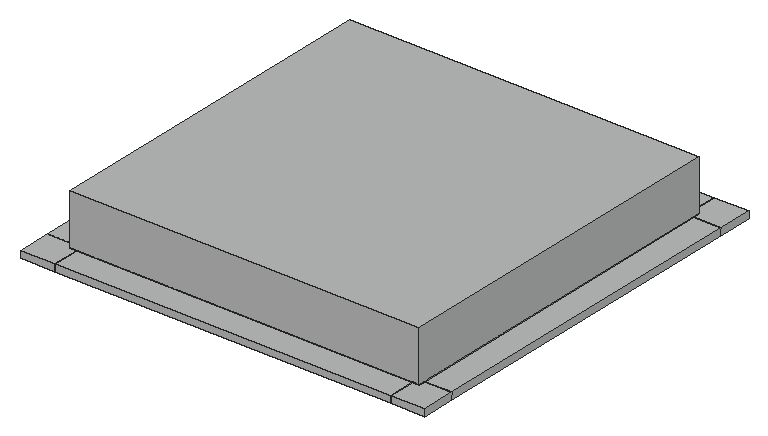
Revit family "ALUMOGIPS", category Осветительные приборы, Revit 2019 (continued)
Types (72, lengths in mm): name | Файл фотометрической сетки | built-in parameter 1150105 | Lumens | built-in parameter 1150106 | built-in parameter 1150142 | Wattage | Emit from Rectangle Width | Emit from Rectangle Length | Длина | Материал светильника | Ширина | ADSK_Ток | ADSK_Полная мощность | ADSK_Обозначение | ADSK_Номинальная мощность | ADSK_Наименование | ADSK_Масса | ADSK_Код изделия
  Alumogips-38/opal-sand 595х595 (IP40, 4000К, серый) c БАП на 3 часа | "Светильник ALUMOGIPS-38 OPAL-SAND-(595x595).IES" | 302.39 (stored number, unit not read) | 3800 lm | 3.0239 (stored number, unit not read) | "IESNA:LM-63-95\r\n[TEST] Протокол № 50-12 \r\n[DATA] 20.06.2016\r\n[MORE] \r\n[MANUFAC] ЗАО \"Центрстройсвет\"\r\n[LUMCAT]  Светильник ALUMOGIPS-38/OPAL-SAND-(595x595)\r\n[LUMINAIRE]\r\n[LAMPCAT] Светодиоды\r\n[LAMP] Поток источника света (светодиодов) не известен\r\n[MORE] КСС приведена в абсолютных величинах кд\r\n[MORE] Вместо потока лампы, указан поток светильника.\r\nTILT=NONE\r\n1    3750 1.0 37 73 1 2 0.595 0.595 0.04\r\n1.0 1.0 38.7\r\n0.0 5.0 10.0 15.0 20.0 25.0 30.0 35.0 40.0 45.0 50.0 55.0 60.0 65.0 70.0 75.0 80.0 85.0 90.0 95.0 100.0 105.0 110.0 115.0 120.0 125.0 130.0 135.0 140.0 145.0 150.0 155.0 160.0 165.0 170.0 175.0 180.0\r\n0.0 5.0 10.0 15.0 20.0 25.0 30.0 35.0 40.0 45.0 50.0 55.0 60.0 65.0 70.0 75.0 80.0 85.0 90.0 95.0 100.0 105.0 110.0 115.0 120.0 125.0 130.0 135.0 140.0 145.0 150.0 155.0 160.0 165.0 170.0 175.0 180.0 185.0 190.0 195.0 200.0 205.0 210.0 215.0 220.0 225.0 230.0 235.0 240.0 245.0 250.0 255.0 260.0 265.0 270.0 275.0 280.0 285.0 290.0 295.0 300.0 305.0 310.0 315.0 320.0 325.0 330.0 335.0 340.0 345.0 350.0 355.0 360.0\r\n1391.4 1390.6 1365.7 1330.6 1277.5 1214.9 1147.5 1059.6 967.6 873.2 772.4 664.9 556.3 449.1 342.7 240.6 147.1 64.2 4.7 0.0 0.0 0.0 0.0 0.0 0.0 0.0 0.0 0.0 0.0 0.0 0.0 0.0 0.0 0.0 0.0 0.0 0.0\r\n1391.4 1390.5 1367.8 1332.7 1284.3 1221.3 1147.0 1062.1 969.2 872.4 773.2 666.3 557.1 450.1 343.8 241.9 146.9 64.7 5.2 0.0 0.0 0.0 0.0 0.0 0.0 0.0 0.0 0.0 0.0 0.0 0.0 0.0 0.0 0.0 0.0 0.0 0.0\r\n1391.4 1390.2 1372.0 1333.3 1277.3 1216.8 1144.5 1057.4 969.6 875.1 773.8 669.5 560.0 454.6 345.8 242.4 148.5 65.8 5.4 0.0 0.0 0.0 0.0 0.0 0.0 0.0 0.0 0.0 0.0 0.0 0.0 0.0 0.0 0.0 0.0 0.0 0.0\r\n1391.4 1389.8 1371.2 1330.7 1279.5 1220.5 1148.3 1059.9 967.7 873.2 767.5 666.8 561.4 453.0 347.1 243.7 149.9 65.6 5.8 0.0 0.0 0.0 0.0 0.0 0.0 0.0 0.0 0.0 0.0 0.0 0.0 0.0 0.0 0.0 0.0 0.0 0.0\r\n1391.4 1389.8 1368.3 1329.3 1285.0 1214.6 1141.1 1058.7 971.8 871.3 775.2 666.9 559.4 452.6 345.8 242.5 150.0 65.8 6.1 0.0 0.0 0.0 0.0 0.0 0.0 0.0 0.0 0.0 0.0 0.0 0.0 0.0 0.0 0.0 0.0 0.0 0.0\r\n1391.4 1390.5 1367.3 1332.3 1281.7 1219.0 1142.8 1064.6 970.5 874.4 772.1 667.5 560.2 453.0 346.2 241.8 149.4 65.7 5.6 0.0 0.0 0.0 0.0 0.0 0.0 0.0 0.0 0.0 0.0 0.0 0.0 0.0 0.0 0.0 0.0 0.0 0.0\r\n1391.4 1391.4 1368.1 1333.5 1277.3 1215.7 1139.0 1059.6 968.1 872.4 771.6 667.4 558.8 453.3 344.3 243.9 148.4 65.7 5.4 0.0 0.0 0.0 0.0 0.0 0.0 0.0 0.0 0.0 0.0 0.0 0.0 0.0 0.0 0.0 0.0 0.0 0.0\r\n1391.4 1391.7 1368.1 1330.4 1278.2 1213.9 1142.4 1061.6 967.4 875.1 772.0 669.3 561.1 452.5 345.2 242.1 148.3 65.4 5.5 0.0 0.0 0.0 0.0 0.0 0.0 0.0 0.0 0.0 0.0 0.0 0.0 0.0 0.0 0.0 0.0 0.0 0.0\r\n1391.4 1391.5 1371.0 1328.4 1278.5 1216.7 1142.1 1061.2 971.8 874.7 772.1 668.9 560.8 452.9 345.4 243.3 147.7 66.0 5.4 0.0 0.0 0.0 0.0 0.0 0.0 0.0 0.0 0.0 0.0 0.0 0.0 0.0 0.0 0.0 0.0 0.0 0.0\r\n1391.4 1391.5 1373.2 1330.5 1277.3 1215.5 1143.2 1063.6 967.0 872.7 772.2 669.4 558.9 453.2 346.6 241.9 148.1 65.2 5.5 0.0 0.0 0.0 0.0 0.0 0.0 0.0 0.0 0.0 0.0 0.0 0.0 0.0 0.0 0.0 0.0 0.0 0.0\r\n1391.4 1391.4 1369.7 1328.3 1281.3 1216.0 1139.8 1057.9 968.7 875.3 773.9 667.6 561.8 454.0 344.0 243.1 147.2 65.6 5.5 0.0 0.0 0.0 0.0 0.0 0.0 0.0 0.0 0.0 0.0 0.0 0.0 0.0 0.0 0.0 0.0 0.0 0.0\r\n1391.4 1390.5 1367.9 1330.1 1278.1 1218.1 1138.9 1061.0 970.0 871.8 770.4 669.3 560.2 453.4 346.9 242.1 148.3 65.2 5.2 0.0 0.0 0.0 0.0 0.0 0.0 0.0 0.0 0.0 0.0 0.0 0.0 0.0 0.0 0.0 0.0 0.0 0.0\r\n1391.4 1389.3 1368.2 1329.1 1280.8 1214.4 1142.5 1059.2 967.2 874.3 772.4 668.0 563.1 452.3 345.7 242.8 146.8 64.9 5.1 0.0 0.0 0.0 0.0 0.0 0.0 0.0 0.0 0.0 0.0 0.0 0.0 0.0 0.0 0.0 0.0 0.0 0.0\r\n1391.4 1388.6 1367.4 1327.8 1278.0 1215.7 1141.0 1061.0 971.5 877.3 771.2 667.3 561.5 453.0 346.4 242.4 146.3 64.8 5.2 0.0 0.0 0.0 0.0 0.0 0.0 0.0 0.0 0.0 0.0 0.0 0.0 0.0 0.0 0.0 0.0 0.0 0.0\r\n1391.4 1388.0 1367.6 1326.7 1278.3 1218.0 1140.9 1061.5 968.4 873.4 770.1 666.6 562.1 454.6 344.8 241.8 146.4 64.0 5.5 0.0 0.0 0.0 0.0 0.0 0.0 0.0 0.0 0.0 0.0 0.0 0.0 0.0 0.0 0.0 0.0 0.0 0.0\r\n1391.4 1387.2 1366.1 1331.0 1281.4 1216.3 1142.7 1059.1 969.4 871.5 772.2 667.3 560.5 453.0 344.4 242.2 146.4 63.8 5.6 0.0 0.0 0.0 0.0 0.0 0.0 0.0 0.0 0.0 0.0 0.0 0.0 0.0 0.0 0.0 0.0 0.0 0.0\r\n1391.4 1387.1 1366.3 1328.7 1276.9 1214.5 1141.2 1059.3 968.4 874.3 775.5 668.3 562.5 454.9 346.4 241.3 146.2 63.5 5.7 0.0 0.0 0.0 0.0 0.0 0.0 0.0 0.0 0.0 0.0 0.0 0.0 0.0 0.0 0.0 0.0 0.0 0.0\r\n1391.4 1388.4 1366.0 1329.7 1279.2 1217.9 1140.0 1060.5 969.0 873.9 772.0 671.3 560.4 453.2 343.7 241.7 145.8 63.7 5.4 0.0 0.0 0.0 0.0 0.0 0.0 0.0 0.0 0.0 0.0 0.0 0.0 0.0 0.0 0.0 0.0 0.0 0.0\r\n1391.4 1389.6 1367.7 1329.3 1277.2 1211.1 1140.1 1061.0 971.0 871.2 769.2 669.1 561.5 453.1 343.3 241.9 145.8 63.4 5.2 0.0 0.0 0.0 0.0 0.0 0.0 0.0 0.0 0.0 0.0 0.0 0.0 0.0 0.0 0.0 0.0 0.0 0.0\r\n1391.4 1388.8 1366.9 1327.1 1279.4 1214.2 1142.5 1056.4 970.7 870.3 771.0 665.1 560.4 453.3 343.8 241.1 145.7 63.4 5.2 0.0 0.0 0.0 0.0 0.0 0.0 0.0 0.0 0.0 0.0 0.0 0.0 0.0 0.0 0.0 0.0 0.0 0.0\r\n1391.4 1387.2 1365.8 1328.9 1276.6 1210.2 1141.4 1059.3 966.6 871.4 770.5 667.4 559.2 451.4 344.2 241.0 145.6 63.2 5.1 0.0 0.0 0.0 0.0 0.0 0.0 0.0 0.0 0.0 0.0 0.0 0.0 0.0 0.0 0.0 0.0 0.0 0.0\r\n1391.4 1386.8 1364.4 1329.8 1279.4 1213.7 1144.0 1059.0 965.3 873.7 768.8 668.9 559.4 449.5 342.6 241.5 144.6 63.4 5.0 0.0 0.0 0.0 0.0 0.0 0.0 0.0 0.0 0.0 0.0 0.0 0.0 0.0 0.0 0.0 0.0 0.0 0.0\r\n1391.4 1388.1 1365.8 1328.1 1273.8 1213.4 1137.9 1059.2 967.3 869.2 769.3 667.7 558.4 451.4 344.0 240.6 145.7 63.4 4.9 0.0 0.0 0.0 0.0 0.0 0.0 0.0 0.0 0.0 0.0 0.0 0.0 0.0 0.0 0.0 0.0 0.0 0.0\r\n1391.4 1389.2 1364.4 1323.2 1276.3 1213.8 1137.6 1055.3 963.1 871.0 767.7 664.1 559.7 447.1 342.4 240.1 145.2 63.9 5.1 0.0 0.0 0.0 0.0 0.0 0.0 0.0 0.0 0.0 0.0 0.0 0.0 0.0 0.0 0.0 0.0 0.0 0.0\r\n1391.4 1388.4 1362.3 1326.8 1274.4 1212.2 1137.9 1054.7 966.7 867.9 768.7 663.4 557.3 449.2 343.3 240.0 145.7 63.6 5.0 0.0 0.0 0.0 0.0 0.0 0.0 0.0 0.0 0.0 0.0 0.0 0.0 0.0 0.0 0.0 0.0 0.0 0.0\r\n1391.4 1386.2 1361.8 1326.5 1273.3 1211.2 1134.5 1048.6 964.3 866.3 767.8 662.9 556.7 449.5 341.9 239.8 145.7 63.7 5.0 0.0 0.0 0.0 0.0 0.0 0.0 0.0 0.0 0.0 0.0 0.0 0.0 0.0 0.0 0.0 0.0 0.0 0.0\r\n1391.4 1384.4 1363.5 1324.4 1272.0 1209.5 1137.2 1053.0 960.2 867.5 767.9 662.7 556.7 449.2 342.5 239.1 146.2 63.8 4.8 0.0 0.0 0.0 0.0 0.0 0.0 0.0 0.0 0.0 0.0 0.0 0.0 0.0 0.0 0.0 0.0 0.0 0.0\r\n1391.4 1383.7 1362.4 1324.4 1274.0 1209.5 1134.4 1050.1 965.4 864.9 764.6 662.3 556.6 447.9 340.5 240.3 145.5 64.6 4.6 0.0 0.0 0.0 0.0 0.0 0.0 0.0 0.0 0.0 0.0 0.0 0.0 0.0 0.0 0.0 0.0 0.0 0.0\r\n1391.4 1384.4 1361.9 1326.9 1270.2 1207.3 1132.7 1050.1 959.7 867.7 763.1 662.2 555.0 447.3 343.0 238.3 145.8 63.9 4.7 0.0 0.0 0.0 0.0 0.0 0.0 0.0 0.0 0.0 0.0 0.0 0.0 0.0 0.0 0.0 0.0 0.0 0.0\r\n1391.4 1385.1 1363.0 1320.0 1270.4 1207.9 1134.4 1055.0 963.5 867.3 766.7 660.7 555.9 450.1 342.6 240.2 145.9 64.3 4.9 0.0 0.0 0.0 0.0 0.0 0.0 0.0 0.0 0.0 0.0 0.0 0.0 0.0 0.0 0.0 0.0 0.0 0.0\r\n1391.4 1384.9 1362.3 1321.4 1273.1 1208.0 1135.4 1052.3 961.9 865.0 764.0 660.8 553.5 447.6 341.2 240.3 146.1 63.8 4.8 0.0 0.0 0.0 0.0 0.0 0.0 0.0 0.0 0.0 0.0 0.0 0.0 0.0 0.0 0.0 0.0 0.0 0.0\r\n1391.4 1383.8 1361.2 1322.1 1265.1 1211.5 1132.8 1049.3 961.3 863.4 764.0 661.0 550.7 447.9 341.0 240.1 146.2 63.8 4.6 0.0 0.0 0.0 0.0 0.0 0.0 0.0 0.0 0.0 0.0 0.0 0.0 0.0 0.0 0.0 0.0 0.0 0.0\r\n1391.4 1382.8 1359.3 1321.5 1269.3 1206.8 1132.8 1051.1 958.3 863.2 763.1 662.7 553.4 448.0 340.4 240.0 145.8 63.8 4.0 0.0 0.0 0.0 0.0 0.0 0.0 0.0 0.0 0.0 0.0 0.0 0.0 0.0 0.0 0.0 0.0 0.0 0.0\r\n1391.4 1382.6 1359.0 1319.6 1268.1 1204.3 1129.8 1049.0 957.7 861.8 761.7 658.4 554.2 446.1 340.4 239.0 145.6 63.8 3.8 0.0 0.0 0.0 0.0 0.0 0.0 0.0 0.0 0.0 0.0 0.0 0.0 0.0 0.0 0.0 0.0 0.0 0.0\r\n1391.4 1382.8 1358.5 1315.8 1266.5 1202.1 1128.5 1049.2 957.6 860.0 762.1 658.2 549.9 443.8 339.6 238.4 145.7 63.6 3.7 0.0 0.0 0.0 0.0 0.0 0.0 0.0 0.0 0.0 0.0 0.0 0.0 0.0 0.0 0.0 0.0 0.0 0.0\r\n1391.4 1382.2 1360.5 1319.2 1265.9 1204.5 1129.9 1046.9 955.0 862.9 758.9 657.9 552.5 444.9 338.9 238.8 145.3 63.6 3.3 0.0 0.0 0.0 0.0 0.0 0.0 0.0 0.0 0.0 0.0 0.0 0.0 0.0 0.0 0.0 0.0 0.0 0.0\r\n1391.4 1381.1 1361.2 1321.0 1268.1 1203.8 1128.8 1047.4 955.6 863.7 761.1 656.4 551.5 445.2 339.2 238.5 144.7 62.5 3.5 0.0 0.0 0.0 0.0 0.0 0.0 0.0 0.0 0.0 0.0 0.0 0.0 0.0 0.0 0.0 0.0 0.0 0.0\r\n1391.4 1380.6 1359.0 1316.4 1268.5 1204.0 1126.1 1049.5 956.2 859.6 759.7 656.5 549.2 444.3 338.4 236.1 143.8 61.6 3.2 0.0 0.0 0.0 0.0 0.0 0.0 0.0 0.0 0.0 0.0 0.0 0.0 0.0 0.0 0.0 0.0 0.0 0.0\r\n1391.4 1380.7 1356.6 1316.0 1267.0 1205.6 1130.3 1044.8 956.9 856.7 759.3 653.5 548.1 441.9 335.3 235.4 141.4 60.3 2.9 0.0 0.0 0.0 0.0 0.0 0.0 0.0 0.0 0.0 0.0 0.0 0.0 0.0 0.0 0.0 0.0 0.0 0.0\r\n1391.4 1380.4 1354.4 1317.9 1268.8 1199.0 1129.0 1044.0 956.9 860.6 758.3 656.9 549.1 442.0 334.4 236.1 141.7 60.5 2.6 0.0 0.0 0.0 0.0 0.0 0.0 0.0 0.0 0.0 0.0 0.0 0.0 0.0 0.0 0.0 0.0 0.0 0.0\r\n1391.4 1380.1 1356.7 1322.1 1264.6 1201.7 1129.9 1047.4 957.2 859.7 758.2 656.1 549.4 442.8 335.3 235.8 141.3 60.6 2.3 0.0 0.0 0.0 0.0 0.0 0.0 0.0 0.0 0.0 0.0 0.0 0.0 0.0 0.0 0.0 0.0 0.0 0.0\r\n1391.4 1379.9 1357.3 1317.5 1265.9 1207.8 1129.2 1046.5 955.7 860.2 758.6 656.9 550.7 441.9 335.4 233.9 140.6 60.2 2.4 0.0 0.0 0.0 0.0 0.0 0.0 0.0 0.0 0.0 0.0 0.0 0.0 0.0 0.0 0.0 0.0 0.0 0.0\r\n1391.4 1379.2 1355.5 1314.6 1269.3 1203.7 1133.5 1044.8 957.2 857.9 762.0 656.6 548.7 440.4 335.9 234.5 140.4 59.8 2.8 0.0 0.0 0.0 0.0 0.0 0.0 0.0 0.0 0.0 0.0 0.0 0.0 0.0 0.0 0.0 0.0 0.0 0.0\r\n1391.4 1377.9 1357.1 1319.2 1271.9 1204.4 1128.6 1050.2 953.1 856.9 757.6 653.7 548.9 439.9 335.4 232.4 140.5 59.2 3.0 0.0 0.0 0.0 0.0 0.0 0.0 0.0 0.0 0.0 0.0 0.0 0.0 0.0 0.0 0.0 0.0 0.0 0.0\r\n1391.4 1377.2 1356.3 1322.9 1266.0 1204.8 1132.2 1049.0 958.1 859.3 759.0 654.6 547.0 441.6 334.9 232.1 139.3 58.8 2.9 0.0 0.0 0.0 0.0 0.0 0.0 0.0 0.0 0.0 0.0 0.0 0.0 0.0 0.0 0.0 0.0 0.0 0.0\r\n1391.4 1377.8 1353.8 1319.7 1269.6 1207.9 1135.8 1049.5 955.8 858.0 762.4 655.9 548.2 441.6 335.6 231.7 139.4 58.8 2.8 0.0 0.0 0.0 0.0 0.0 0.0 0.0 0.0 0.0 0.0 0.0 0.0 0.0 0.0 0.0 0.0 0.0 0.0\r\n1391.4 1378.5 1355.2 1319.8 1267.3 1206.5 1131.2 1046.1 954.6 861.2 756.6 653.8 548.1 440.3 335.0 232.6 138.6 59.0 2.9 0.0 0.0 0.0 0.0 0.0 0.0 0.0 0.0 0.0 0.0 0.0 0.0 0.0 0.0 0.0 0.0 0.0 0.0\r\n1391.4 1378.6 1355.1 1318.3 1269.7 1200.8 1133.1 1049.0 957.6 862.5 762.4 656.9 549.3 443.5 334.7 231.2 138.8 58.1 3.0 0.0 0.0 0.0 0.0 0.0 0.0 0.0 0.0 0.0 0.0 0.0 0.0 0.0 0.0 0.0 0.0 0.0 0.0\r\n1391.4 1378.8 1355.8 1321.7 1268.8 1210.0 1129.0 1048.5 958.8 862.4 762.2 656.4 549.0 441.1 335.4 231.5 138.5 58.1 3.0 0.0 0.0 0.0 0.0 0.0 0.0 0.0 0.0 0.0 0.0 0.0 0.0 0.0 0.0 0.0 0.0 0.0 0.0\r\n1391.4 1379.6 1357.6 1321.7 1269.0 1207.1 1133.9 1047.0 964.1 863.3 761.9 656.4 551.5 440.7 334.9 232.2 137.6 58.1 2.8 0.0 0.0 0.0 0.0 0.0 0.0 0.0 0.0 0.0 0.0 0.0 0.0 0.0 0.0 0.0 0.0 0.0 0.0\r\n1391.4 1380.6 1357.7 1319.2 1272.0 1207.5 1131.3 1054.6 959.0 863.3 764.8 655.9 549.1 443.0 335.1 231.3 138.0 58.1 2.7 0.0 0.0 0.0 0.0 0.0 0.0 0.0 0.0 0.0 0.0 0.0 0.0 0.0 0.0 0.0 0.0 0.0 0.0\r\n1391.4 1381.5 1358.5 1321.9 1271.0 1204.1 1135.9 1055.8 962.5 865.5 761.1 656.9 550.6 442.0 335.3 231.9 137.4 57.9 2.6 0.0 0.0 0.0 0.0 0.0 0.0 0.0 0.0 0.0 0.0 0.0 0.0 0.0 0.0 0.0 0.0 0.0 0.0\r\n1391.4 1381.3 1358.5 1322.3 1270.8 1207.2 1133.7 1051.9 958.0 867.3 767.5 657.0 552.1 442.3 333.6 231.2 137.9 57.8 2.6 0.0 0.0 0.0 0.0 0.0 0.0 0.0 0.0 0.0 0.0 0.0 0.0 0.0 0.0 0.0 0.0 0.0 0.0\r\n1391.4 1380.6 1359.4 1319.7 1270.6 1209.0 1133.0 1052.1 963.9 867.5 764.1 660.0 554.0 443.3 334.8 231.7 137.6 57.8 2.7 0.0 0.0 0.0 0.0 0.0 0.0 0.0 0.0 0.0 0.0 0.0 0.0 0.0 0.0 0.0 0.0 0.0 0.0\r\n1391.4 1381.3 1359.9 1321.3 1270.6 1204.8 1135.0 1051.3 962.1 865.5 761.7 660.3 553.1 443.5 334.1 231.9 137.9 57.8 2.8 0.0 0.0 0.0 0.0 0.0 0.0 0.0 0.0 0.0 0.0 0.0 0.0 0.0 0.0 0.0 0.0 0.0 0.0\r\n1391.4 1383.1 1362.1 1324.8 1273.8 1208.7 1134.8 1055.9 961.8 866.4 762.3 659.7 552.4 443.7 334.4 232.8 138.0 58.0 2.8 0.0 0.0 0.0 0.0 0.0 0.0 0.0 0.0 0.0 0.0 0.0 0.0 0.0 0.0 0.0 0.0 0.0 0.0\r\n1391.4 1384.6 1360.4 1321.7 1272.0 1210.6 1130.9 1052.5 963.1 866.7 767.4 659.3 553.7 444.6 335.4 233.1 138.3 58.0 2.8 0.0 0.0 0.0 0.0 0.0 0.0 0.0 0.0 0.0 0.0 0.0 0.0 0.0 0.0 0.0 0.0 0.0 0.0\r\n1391.4 1385.6 1357.5 1324.7 1273.9 1211.6 1134.3 1052.7 963.6 865.4 763.1 658.7 552.2 444.9 336.9 232.8 138.8 58.6 2.9 0.0 0.0 0.0 0.0 0.0 0.0 0.0 0.0 0.0 0.0 0.0 0.0 0.0 0.0 0.0 0.0 0.0 0.0\r\n1391.4 1386.4 1357.8 1323.4 1273.2 1212.2 1136.3 1054.7 967.5 867.5 764.0 659.4 553.3 443.7 336.8 233.2 138.9 58.5 3.1 0.0 0.0 0.0 0.0 0.0 0.0 0.0 0.0 0.0 0.0 0.0 0.0 0.0 0.0 0.0 0.0 0.0 0.0\r\n1391.4 1386.6 1362.0 1324.9 1273.2 1211.3 1139.0 1049.9 960.3 866.4 768.0 661.3 552.2 443.4 336.3 233.4 139.8 58.9 3.1 0.0 0.0 0.0 0.0 0.0 0.0 0.0 0.0 0.0 0.0 0.0 0.0 0.0 0.0 0.0 0.0 0.0 0.0\r\n1391.4 1386.0 1360.5 1326.0 1271.8 1212.0 1137.2 1059.3 963.5 867.6 766.9 661.2 552.3 445.8 337.8 233.6 141.0 59.2 3.3 0.0 0.0 0.0 0.0 0.0 0.0 0.0 0.0 0.0 0.0 0.0 0.0 0.0 0.0 0.0 0.0 0.0 0.0\r\n1391.4 1385.0 1362.3 1325.1 1272.0 1207.1 1138.5 1053.6 964.5 865.8 766.5 661.6 554.3 445.9 337.0 234.5 140.4 60.2 3.5 0.0 0.0 0.0 0.0 0.0 0.0 0.0 0.0 0.0 0.0 0.0 0.0 0.0 0.0 0.0 0.0 0.0 0.0\r\n1391.4 1384.4 1361.8 1323.6 1274.0 1214.8 1138.9 1053.9 968.0 867.9 769.0 663.8 555.6 446.7 339.6 235.0 141.3 60.4 3.4 0.0 0.0 0.0 0.0 0.0 0.0 0.0 0.0 0.0 0.0 0.0 0.0 0.0 0.0 0.0 0.0 0.0 0.0\r\n1391.4 1385.0 1360.9 1322.2 1272.4 1209.8 1137.2 1055.7 962.7 869.7 769.6 658.2 556.6 447.4 338.5 236.2 142.5 60.7 3.4 0.0 0.0 0.0 0.0 0.0 0.0 0.0 0.0 0.0 0.0 0.0 0.0 0.0 0.0 0.0 0.0 0.0 0.0\r\n1391.4 1386.6 1363.1 1323.6 1272.5 1211.5 1139.2 1058.4 969.9 868.0 768.8 664.6 556.3 445.8 342.1 236.1 142.3 61.2 3.5 0.0 0.0 0.0 0.0 0.0 0.0 0.0 0.0 0.0 0.0 0.0 0.0 0.0 0.0 0.0 0.0 0.0 0.0\r\n1391.4 1388.6 1360.9 1330.2 1273.7 1213.2 1138.7 1058.3 966.2 867.0 766.8 663.4 553.3 447.1 339.2 238.7 143.0 61.4 3.8 0.0 0.0 0.0 0.0 0.0 0.0 0.0 0.0 0.0 0.0 0.0 0.0 0.0 0.0 0.0 0.0 0.0 0.0\r\n1391.4 1389.8 1360.8 1328.4 1276.8 1216.0 1140.1 1055.8 963.1 870.3 768.4 663.1 554.0 449.1 340.1 237.3 144.8 61.7 3.8 0.0 0.0 0.0 0.0 0.0 0.0 0.0 0.0 0.0 0.0 0.0 0.0 0.0 0.0 0.0 0.0 0.0 0.0\r\n1391.4 1389.3 1362.5 1325.9 1278.0 1210.4 1138.2 1054.7 967.8 872.7 770.2 661.9 556.5 446.9 341.3 237.7 144.4 62.5 3.9 0.0 0.0 0.0 0.0 0.0 0.0 0.0 0.0 0.0 0.0 0.0 0.0 0.0 0.0 0.0 0.0 0.0 0.0\r\n1391.4 1387.8 1365.8 1326.6 1274.3 1213.2 1141.4 1053.1 966.2 871.2 768.4 663.7 555.0 447.1 341.3 238.2 144.3 62.7 4.1 0.0 0.0 0.0 0.0 0.0 0.0 0.0 0.0 0.0 0.0 0.0 0.0 0.0 0.0 0.0 0.0 0.0 0.0\r\n1391.4 1387.2 1364.2 1328.3 1274.8 1209.4 1145.0 1060.0 963.9 867.5 766.5 663.4 556.7 448.2 340.9 240.3 144.7 63.3 4.0 0.0 0.0 0.0 0.0 0.0 0.0 0.0 0.0 0.0 0.0 0.0 0.0 0.0 0.0 0.0 0.0 0.0 0.0\r\n1391.4 1388.4 1364.9 1332.6 1279.0 1215.6 1140.9 1056.3 969.3 867.1 770.0 663.8 559.0 449.0 342.4 240.3 145.7 63.3 4.7 0.0 0.0 0.0 0.0 0.0 0.0 0.0 0.0 0.0 0.0 0.0 0.0 0.0 0.0 0.0 0.0 0.0 0.0\r\n1391.4 1390.0 1364.5 1329.3 1281.4 1217.7 1141.3 1063.3 970.3 871.1 768.8 663.5 555.2 449.3 342.4 239.8 146.6 63.3 4.9 0.0 0.0 0.0 0.0 0.0 0.0 0.0 0.0 0.0 0.0 0.0 0.0 0.0 0.0 0.0 0.0 0.0 0.0\r\n1391.4 1390.6 1365.7 1330.6 1277.5 1214.9 1147.5 1059.6 967.6 873.2 772.4 664.9 556.3 449.1 342.7 240.6 147.1 64.2 4.7 0.0 0.0 0.0 0.0 0.0 0.0 0.0 0.0 0.0 0.0 0.0 0.0 0.0 0.0 0.0 0.0 0.0 0.0\r\n" | 25.582 W | 575 | 575 | 595 | RAL 9006 | 595 | 0.179584 A | 41.3043 VA | "Alumogips-38/opal-sand 595х595 (IP40, 4000К, серый)" | 38 W | "Встраиваемый светодиодный светильник Alumogips-38/opal-sand 595х595 (IP40, 4000К, серый) c БАП на 3 час" | 2.4 | "ЦБ000
    008029"
